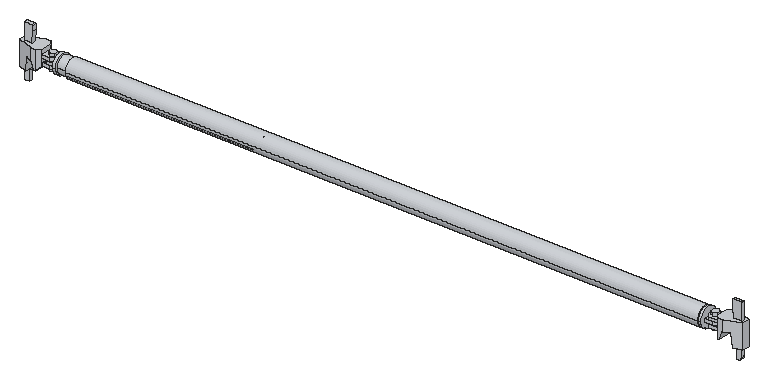
Revit family "ORMA_TELESCOPIC LEDGER SBU_1938060", category Generic Models, Revit 2018
Family settings
  Can host rebar = No
  Round Connector Dimension = Use Diameter
  Part Type = Normal
  OmniClass Number = 35.51.14.00
  OmniClass Title = FORMWORK
  Work Plane-Based = Yes
  Always vertical = No
  Cut with Voids When Loaded = No
  Shared = Yes
  Room Calculation Point = No
Parameters
  VERSION = "20170217"  # constant formula
  URL = "www.ulmaconstruction.com/en"
  UNICLASS = ""
  REAL LENGTH [instance] = if(LENGTH < 1694.000 mm, 1694.000 mm, if(LENGTH < 1989.000 mm, LENGTH, 1989.000 mm))  # 1694.000 mm
  Manufacturer = "ULMA CONSTRUCTION"  # constant formula
  LENGTH [instance] = 1600.000 mm
  ITEM_CODE = "1938060"
  FILTER [instance] = ""
  Default Elevation = 0.000 mm
  CLASSIFICATION_TITLE = ""
  CLASSIFICATION_NUMBER = ""
  ANGLE [instance] = 0.00°
Reference planes
  plane 1 "Centro (Frontal/Posterior)": y = 0
  plane 2: z = 0
  plane 3 "Centro (Izquierda/Derecha)": x = 0
  plane 4: x = 100.5
  plane 5 "MIDDLE": z = 4
Lines and regions (mm)
  reference lines
    curve 1: line (100.5, 0, 4) -> (3200.5, 0, 4)
    curve 2: line (1794.5, 0, 0) -> (1794.5, 80, 0)
    curve 3: line (100.5, 0, 0) -> (100.5, 80, 0)
    curve 4: line (1794.5, 0, 0) -> (1949.99, 0, 0)
Dimensions and locks
  locked: plane 3 "Centro (Izquierda/Derecha)" to plane 4 at 100.5
  locked: plane 5 "MIDDLE" to plane 2 at 4
  "REAL LENGTH": curve 2 to curve 3
  "ANGLE": angle plane 1 "Centro (Frontal/Posterior)" to curve 1
  locked: curve 1 to curve 2 (angle 90.00°)
  "ANGLE": angle plane 4 to curve 3
  "ANGLE": angle curve 1 to curve 4
  aligned and locked: level to plane 2
  aligned and locked: plane 4 to curve 1
  aligned and locked: plane 1 "Centro (Frontal/Posterior)" to curve 1
  aligned and locked: curve 1 to curve 2
  aligned and locked: plane 4 to curve 3
  aligned and locked: plane 1 "Centro (Frontal/Posterior)" to curve 3
Nested families
  nested 1: "CONJUNTO SOPORTE - 2127790_WORKING PLATFORMS" at (0, 0, 0), type "CONJUNTO SOPORTE - 2127790_WORKING PLATFORMS"
    with FILTER ""
  nested 2: "CUERPO CENTRAL TUBO - 1938060_WORKING PLATFORMS" at (100.5, 0, 4), LENGTH <- "REAL LENGTH", type "CUERPO CENTRAL TUBO - 1938060_WORKING PLATFORMS"
    with REAL LENGTH 1694.000 mm, LENGTH 1694.000 mm, FILTER ""
  nested 3: "CONJUNTO SOPORTE - 2127790_WORKING PLATFORMS" at (1895, 0, 0) x (-1, 0, 0) z (0, 0, 1), type "CONJUNTO SOPORTE - 2127790_WORKING PLATFORMS"
    with FILTER ""
Definition of nested family "CONJUNTO SOPORTE - 2127790_WORKING PLATFORMS"
  Parameters (values of type "CONJUNTO SOPORTE - 2127790_WORKING PLATFORMS")
    VERSION = "20170217"  # constant formula
    URL = "www.ulmaconstruction.com/en"
    UNICLASS = ""
    Manufacturer = "ULMA CONSTRUCTION"  # constant formula
    FILTER [instance] = ""
    Default Elevation = 0.000 mm
    CLASSIFICATION_TITLE = ""
    CLASSIFICATION_NUMBER = ""
  Reference planes
    plane 1 "Centro (Frontal/Posterior)": y = 0
    plane 2: z = 0
    plane 3 "Centro (Izquierda/Derecha)": x = 0
    plane 4: x = 100.5
  Forms (mm)
    Extrusion 1, solid
      sketch origin (0, 0, 0) x (1, 0, 0) y (0, 1, 0)
        loop
          line (23.157, 8) -> (23.157, -8) -> (61.78, -24) -> (75.5, -24) -> (82.5, -14.003) -> (82.5, 14.003) -> (75.5, 24) -> (61.784, 24) -> (23.157, 8)
      from -34 to 28
    Extrusion 2, solid, detail levels fine
      sketch origin (0, 0, 0) x (1, 0, 0) y (0, 0, 1)
        loop
          line (30.496, 68) -> (30.496, -56.485)
          arc (30.496, -56.485) -> (32.399, -61.086) -> (36.996, -63) r 6.515
          line (36.996, -63) -> (43.496, -63) -> (43.496, -37) -> (52.996, 55) -> (52.996, 68)
          arc (52.996, 68) -> (52.41, 69.414) -> (50.996, 70) r 2
          line (50.996, 70) -> (32.496, 70)
          arc (32.496, 70) -> (31.082, 69.414) -> (30.496, 68) r 2
      from -3.5 to 4
    Extrusion 3, void
      sketch origin (0, 0, 0) x (1, 0, 0) y (0, 0, 1)
        loop
          line (75.496, -19.574) -> (70.496, -19.574) -> (64.496, -3.794) -> (64.496, 0) -> (47.317, 0) -> (43.806, -34) -> (82.5, -34) -> (82.5, -9.255) -> (75.496, -19.574)
      from -24 to 24
    Extrusion 4, solid
      sketch origin (0, 0, 0) x (1, 0, 0) y (0, 1, 0)
        loop
          line (82.5, 15) -> (82.5, -15) -> (104.5, -15) -> (112.5, -7) -> (112.5, 7) -> (104.5, 15) -> (82.5, 15)
      from 9 to 17
    Extrusion 5, solid
      sketch origin (0, 0, 0) x (1, 0, 0) y (0, 1, 0)
        loop
          line (82.5, 15) -> (82.5, -15) -> (104.5, -15) -> (112.5, -7) -> (112.5, 7) -> (104.5, 15) -> (82.5, 15)
      from -9 to -1
    Extrusion 6, solid, detail levels fine
      sketch origin (0, 0, 0) x (1, 0, 0) y (0, 1, 0)
        loop
          line (92, 4.543) -> (92, -4.543) -> (100.5, -9.45) -> (109, -4.543) -> (109, 4.543) -> (100.5, 9.45) -> (92, 4.543)
      from 17 to 24
    Extrusion 7, solid, detail levels fine
      sketch origin (0, 0, 0) x (1, 0, 0) y (0, 1, 0)
        loop
          line (92, 4.543) -> (92, -4.543) -> (100.5, -9.45) -> (109, -4.543) -> (109, 4.543) -> (100.5, 9.45) -> (92, 4.543)
      from -16 to -9
  Cuts and joins
    Extrusion 3 cuts Extrusion 1
    joined: Extrusion 1, Extrusion 4
    Extrusion 3 cuts Extrusion 2
  Dimensions and locks
    aligned and locked: level to plane 2
Definition of nested family "CUERPO CENTRAL TUBO - 1938060_WORKING PLATFORMS"
  Parameters (values of type "CUERPO CENTRAL TUBO - 1938060_WORKING PLATFORMS")
    VERSION = "20170217"  # constant formula
    URL = "www.ulmaconstruction.com/en"
    UNICLASS = ""
    REAL LENGTH [instance] = if(LENGTH < 1694.000 mm, 1694.000 mm, if(LENGTH < 1989.000 mm, LENGTH, 1989.000 mm))  # 1945.000 mm
    Manufacturer = "ULMA CONSTRUCTION"  # constant formula
    LENGTH [instance] = 1945.000 mm
    FILTER [instance] = ""
    Default Elevation = 0.000 mm
    CLASSIFICATION_TITLE = ""
    CLASSIFICATION_NUMBER = ""
  Reference planes
    plane 1 "Centro (Frontal/Posterior)": y = 0
    plane 2: z = 0
    plane 3 "Centro (Izquierda/Derecha)": x = 0
    plane 4 "REAL LENGTH": x = 1945
    plane 5 "LENGTH": x = 1945
  Forms (mm)
    Extrusion 1, solid
      sketch origin (0, 0, 0) x (1, 0, 0) y (0, 1, 0)
        loop
          line (18, 15) -> (-4, 15) -> (-12, 7) -> (-12, -7) -> (-4, -15) -> (18, -15) -> (18, 15)
      from -4 to 4
    Extrusion 2, solid
      sketch origin (0, 0, 0) x (0, 1, 0) y (0, 0, 1)
        loop
          circle (0, 0) r 24
      from 18 to 26
    Extrusion 3, solid
      sketch origin (0, 0, 0) x (0, 1, 0) y (0, 0, 1)
        loop
          circle (0, 0) r 21
      from 26 to 546
    Extrusion 4, solid
      sketch origin (1944, 0, 0) x (-1, 0, 0) y (0, -1, 0)
        loop
          line (17, -15) -> (17, 15) -> (-5, 15) -> (-13, 7) -> (-13, -7) -> (-5, -15) -> (17, -15)
      from -4 to 4
    Extrusion 5, solid
      sketch origin (1945, -5, 1200) x (0, -1, 0) y (0, 0, 1)
        loop
          circle (-5, -1200) r 24
      from 18 to 26
    Extrusion 6, solid
      sketch origin (1945, -5, 1200) x (0, -1, 0) y (0, 0, 1)
        loop
          circle (-5, -1200) r 24
      from 26 to 1643
  Cuts and joins
    joined: Extrusion 1, Extrusion 2, Extrusion 3
  Dimensions and locks
    "REAL LENGTH": plane 3 "Centro (Izquierda/Derecha)" to plane 4 "REAL LENGTH"
    locked: plane 4 "REAL LENGTH" to Extrusion 4 sketch curve at 12
    locked: Extrusion 4 sketch curve to plane 4 "REAL LENGTH" at 18
    "LENGTH": plane 3 "Centro (Izquierda/Derecha)" to plane 5 "LENGTH"
    aligned and locked: level to plane 2
  Automatic sketch dimensions
    Extrusion 1 sketch curve to plane 3 "Centro (Izquierda/Derecha)" = 12.000 mm
    Extrusion 1 sketch curve to plane 3 "Centro (Izquierda/Derecha)" = 4.000 mm  (x2)
    plane 3 "Centro (Izquierda/Derecha)" to Extrusion 1 sketch curve = 18.000 mm
    plane 1 "Centro (Frontal/Posterior)" to Extrusion 1 sketch curve = 15.000 mm
    plane 1 "Centro (Frontal/Posterior)" to Extrusion 1 sketch curve = 7.000 mm
    Extrusion 1 sketch curve to plane 1 "Centro (Frontal/Posterior)" = 7.000 mm
    Extrusion 1 sketch curve to Extrusion 1 sketch curve = 8.000 mm
    Extrusion 2 sketch curve to level = 0.000 mm
    Extrusion 2 sketch curve to plane 1 "Centro (Frontal/Posterior)" = 0.000 mm
    Extrusion 3 sketch curve to level = 0.000 mm
    Extrusion 3 sketch curve to plane 1 "Centro (Frontal/Posterior)" = 0.000 mm
    plane 4 "REAL LENGTH" to Extrusion 4 sketch curve = 4.000 mm  (x2)
    Extrusion 4 sketch curve to plane 1 "Centro (Frontal/Posterior)" = 15.000 mm
    Extrusion 4 sketch curve to plane 1 "Centro (Frontal/Posterior)" = 7.000 mm
    plane 1 "Centro (Frontal/Posterior)" to Extrusion 4 sketch curve = 7.000 mm
    Extrusion 4 sketch curve to Extrusion 4 sketch curve = 8.000 mm
    Extrusion 5 sketch curve to level = 0.000 mm
    Extrusion 5 sketch curve to plane 1 "Centro (Frontal/Posterior)" = 0.000 mm
    Extrusion 6 sketch curve to level = 0.000 mm
    Extrusion 6 sketch curve to plane 1 "Centro (Frontal/Posterior)" = 0.000 mm
    radius of Extrusion 2 sketch curve = 24.000 mm
    radius of Extrusion 3 sketch curve = 21.000 mm
    radius of Extrusion 5 sketch curve = 24.000 mm
    radius of Extrusion 6 sketch curve = 24.000 mm
